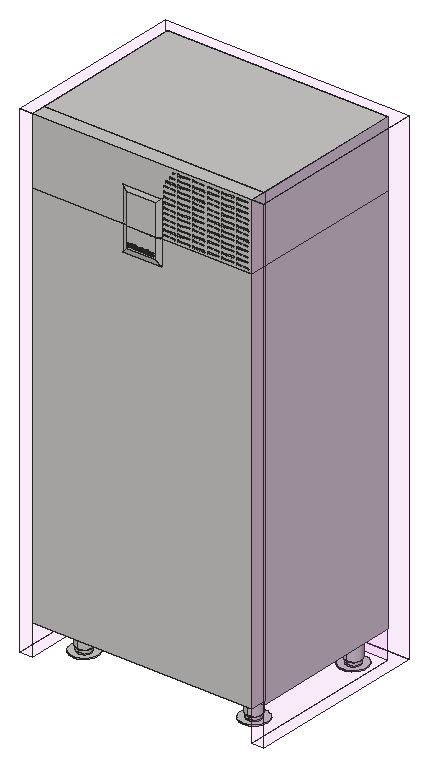
Revit family "QF_ELECTROLUXPROFESSIONAL_691390_PS09F1FMHC", category Specialty Equipment, Revit 2021
Family settings
  Round Connector Dimension = Use Diameter
  Part Type = Normal
  Work Plane-Based = No
  Always vertical = Yes
  Cut with Voids When Loaded = No
  Shared = No
  Room Calculation Point = No
Parameters
  Weight = 110.00 lbm
  Watts = 0 W
  Volts = 220 V
  URL Manufacturer = "http://www.electroluxprofessional.com"
  URL = "http://www.electroluxprofessional.com"
  Steam Supply Size = 0"
  Steam Supply Minimum Pressure = 0.00 psi
  Steam Supply Maximum Pressure = 0.00 psi
  Steam Pounds per Hour = 0
  Show Clearance [instance] = yes
  Refrigeration Suction Line Size = 0"
  Refrigeration Liquid Line Size = 0"
  Refrigerant Compressor Remote = yes
  Phase = 1
  Model = "PS09F1FMHC"
  Manufacturer = "Electrolux Professional"
  Length Actual = 900 mm
  Item Number = "691390"
  Hot Water Size = 0"
  Height Actual = 2040 mm
  HP = "0.8 HP"
  Gas Size = 0"
  Gas KW = 0
  Gas Input Pressure = 0.0 Btu/h
  Direct Waste Size = 0"
  Description = "1-DOOR FREEZER 720L-15/-22°C, PROSTORE, R290, 60HZ, MARINE"
  Depth Actual = 700 mm
  Default Elevation = 0 mm
  Cycle = 60 Hz
  Condensate Return Size = 0"
  Compressed Air Volume = 0 GPM
  Compressed Air Size = 0"
  Compressed Air Pressure = 0.00 psi
  Cold Water Size = 0"
  Accessory = no
Reference planes
  plane 1 "BACK": y = 0
  plane 2: z = 0
  plane 3 "LEFT": x = 0
  plane 4 "RIGHT": x = 900
  plane 5 "FRONT": y = -700
  plane 6 "TOP": z = 2040
  plane 7 "Center Y": x = 450
  plane 8 "Center X": y = -350
  plane 9: x = 102
  plane 10: x = 798
  plane 11: z = 115
  plane 12: z = 86
  plane 13: y = -80
  plane 14: y = -694
  plane 15: y = -1527
  plane 16: y = -630
  plane 17: z = 1770
  plane 18: x = -50
  plane 19: y = 50
  plane 20: x = 950
  plane 21: z = 1995
Forms (mm)
  Extrusion 1, solid, material "QF_Metal - Stainless - Polished"
    sketch origin (0, 0, 0) x (1, 0, 0) y (0, 0, 1)
      loop
        line (0, 1995) -> (0, 1725) -> (900, 1725) -> (900, 1995) -> (0, 1995)
    from 0 to 630
  Extrusion 2, solid, material "QF_Metal - Stainless - Polished"
    sketch origin (0, 0, 0) x (1, 0, 0) y (0, 0, 1)
      loop
        line (0, 1725) -> (0, 115) -> (900, 115) -> (900, 1725) -> (0, 1725)
    from 0 to 630
  Extrusion 3, solid, material "QF_Metal - Stainless - Polished"
    sketch origin (-370, 0, -128) x (1, 0, 0) y (0, 0, 1)
      loop
        circle (450, 1847.083) r 20
    from -7.507 to 0
  Extrusion 4, solid, material "QF_Door-Drawer Clearances", visible <- "Show Clearance", detail levels coarse
    sketch origin (0, 0, 0) x (1, 0, 0) y (0, 1, 0)
      loop
        line (900, -694) -> (0, -694)
        arc (0, -694) -> (275.209, -1299.35) -> (900, -1527) r 859.201
        line (900, -1527) -> (900, -694)
    from 127.536 to 1725
  Extrusion 5, solid, material "QF_Metal - Stainless - Polished"
    sketch origin (0, 130.478, -45) x (1, 0, 0) y (0, 0, 1)
      loop
        line (0, 2040) -> (0, 1770) -> (900, 1770) -> (900, 2040) -> (0, 2040)
    from 760.478 to 824.478
  Extrusion 6, solid, material "QF_Metal - Stainless - Polished"
    sketch origin (0, 140, 0) x (1, 0, 0) y (0, 0, 1)
      loop
        line (0, 1725) -> (0, 127.536) -> (900, 127.536) -> (900, 1725) -> (0, 1725)
    from 834 to 770
  Revolve 7, solid, material "QF_Metal - Stainless - Polished"
    sketch origin (798, -2.833, 0) x (0, 1, 0) y (0, 0, -1)
      loop
        line (-590.954, -115) -> (-553.167, -115) -> (-553.167, 0) -> (-578.757, 0)
        arc (-578.757, 0) -> (-580.973, -2.655) -> (-581.767, -6.021) r 7.527
        line (-581.767, -6.021) -> (-581.767, -17.561) -> (-585.28, -21.074) -> (-585.28, -110.008) -> (-590.954, -110.008) -> (-590.954, -115)
      axis (-553.167, 0) -> (-553.167, -115)
    angle from 0 to 360
  Revolve 8, solid, material "QF_Metal - Stainless - Polished"
    sketch origin (102, -2.833, 0) x (0, 1, 0) y (0, 0, 1)
      loop
        line (-590.954, 115) -> (-590.954, 110.008) -> (-585.28, 110.008) -> (-585.28, 21.074) -> (-581.767, 17.561) -> (-581.767, 6.021)
        arc (-581.767, 6.021) -> (-580.973, 2.655) -> (-578.757, 0) r 7.527
        line (-578.757, 0) -> (-553.167, 0) -> (-553.167, 115) -> (-590.954, 115)
      axis (-553.167, 0) -> (-553.167, 115)
    angle from 0 to 360
  Revolve 9, solid, material "QF_Metal - Stainless - Polished"
    sketch origin (824, -759.167, 0) x (0, -1, 0) y (0, 0, 1)
      loop
        line (-716.954, 115) -> (-716.954, 110.008) -> (-711.28, 110.008) -> (-711.28, 21.074) -> (-707.767, 17.561) -> (-707.767, 6.021)
        arc (-707.767, 6.021) -> (-706.973, 2.655) -> (-704.757, 0) r 7.527
        line (-704.757, 0) -> (-679.167, 0) -> (-679.167, 115) -> (-716.954, 115)
      axis (-679.167, 0) -> (-679.167, 115)
    angle from 0 to 360
  Revolve 10, solid, material "QF_Metal - Stainless - Polished"
    sketch origin (76, -759.167, 0) x (0, -1, 0) y (0, 0, 1)
      loop
        line (-716.954, 115) -> (-716.954, 110.008) -> (-711.28, 110.008) -> (-711.28, 21.074) -> (-707.767, 17.561) -> (-707.767, 6.021)
        arc (-707.767, 6.021) -> (-706.973, 2.655) -> (-704.757, 0) r 7.527
        line (-704.757, 0) -> (-679.167, 0) -> (-679.167, 115) -> (-716.954, 115)
      axis (-679.167, 0) -> (-679.167, 115)
    angle from 0 to 360
  Blend 11, solid, material "QF_Metal - Stainless - Polished"
    base sketch origin (0, -694, 0) x (1, 0, 0) y (0, 0, 1)
      loop
        line (370, 1869.822) -> (370, 1619.822) -> (530, 1619.822) -> (530, 1869.822) -> (370, 1869.822)
    top sketch origin (0, -694, 0) x (1, 0, 0) y (0, 0, 1)
      loop
        line (510, 1849.822) -> (390, 1849.822) -> (390, 1639.822) -> (510, 1639.822) -> (510, 1849.822)
    from 0 to 6
  Extrusion 12, void
    sketch origin (10, -700, 0) x (-1, 0, 0) y (0, 0, 1)
      loop
        line (-370, 1725.997) -> (-530, 1725.997) -> (-530, 1724.003) -> (-370, 1724.003) -> (-370, 1725.997)
    from 0 to 6
  Extrusion 13, solid, material "QF_Door-Drawer Clearances"
    sketch origin (0, 0, 0) x (1, 0, 0) y (0, 1, 0)
      loop
        line (0, -694) -> (0, 0) -> (900, 0) -> (900, -694) -> (950, -694) -> (950, 50) -> (-50, 50) -> (-50, -694) -> (0, -694)
    from 0 to 1995
  Extrusion 14, solid, material "QF_Metal - Stainless - Polished"
    sketch origin (102, -556, 0) x (0, -1, 0) y (-1, 0, 0)
      loop
        circle (0, 0) r 55.59
    from 0 to -1.917
  Extrusion 15, solid, material "QF_Metal - Stainless - Polished"
    sketch origin (76, -80, 0) x (0, -1, 0) y (-1, 0, 0)
      loop
        circle (0, 0) r 55.59
    from 0 to -1.917
  Extrusion 16, solid, material "QF_Metal - Stainless - Polished"
    sketch origin (798, -556, 0) x (0, 1, 0) y (1, 0, 0)
      loop
        circle (0, 0) r 55.59
    from 0 to -1.917
  Extrusion 17, solid, material "QF_Metal - Stainless - Polished"
    sketch origin (824, -80, 0) x (0, 1, 0) y (1, 0, 0)
      loop
        circle (0, 0) r 55.59
    from 0 to -1.917
  Extrusion 18, void
    sketch origin (-140, -700, 0) x (-1, 0, 0) y (0, 0, 1)
      loop
        line (-370, 1725.997) -> (-530, 1725.997) -> (-530, 1724.003) -> (-370, 1724.003) -> (-370, 1725.997)
    from 0 to 6
  Extrusion 19, void
    sketch origin (300, -694, -45) x (-1, 0, 0) y (0, 0, 1)
      loop
        line (-537.804, 1788.817) -> (-587.804, 1788.817) -> (-587.804, 1780.817) -> (-537.804, 1780.817) -> (-537.804, 1788.817)
      loop
        line (-477.804, 1788.817) -> (-527.804, 1788.817) -> (-527.804, 1780.817) -> (-477.804, 1780.817) -> (-477.804, 1788.817)
      loop
        line (-417.804, 1788.817) -> (-467.804, 1788.817) -> (-467.804, 1780.817) -> (-417.804, 1780.817) -> (-417.804, 1788.817)
    from 0 to 2
  Extrusion 20, void
    sketch origin (300, -694, 195) x (-1, 0, 0) y (0, 0, 1)
      loop
        line (-537.804, 1788.817) -> (-587.804, 1788.817) -> (-587.804, 1780.817) -> (-537.804, 1780.817) -> (-537.804, 1788.817)
      loop
        line (-477.804, 1788.817) -> (-527.804, 1788.817) -> (-527.804, 1780.817) -> (-477.804, 1780.817) -> (-477.804, 1788.817)
      loop
        line (-417.804, 1788.817) -> (-467.804, 1788.817) -> (-467.804, 1780.817) -> (-417.804, 1780.817) -> (-417.804, 1788.817)
    from 0 to 2
  Extrusion 21, void
    sketch origin (300, -694, -25) x (-1, 0, 0) y (0, 0, 1)
      loop
        line (-537.804, 1788.817) -> (-587.804, 1788.817) -> (-587.804, 1780.817) -> (-537.804, 1780.817) -> (-537.804, 1788.817)
      loop
        line (-477.804, 1788.817) -> (-527.804, 1788.817) -> (-527.804, 1780.817) -> (-477.804, 1780.817) -> (-477.804, 1788.817)
      loop
        line (-417.804, 1788.817) -> (-467.804, 1788.817) -> (-467.804, 1780.817) -> (-417.804, 1780.817) -> (-417.804, 1788.817)
    from 0 to 2
  Extrusion 22, void
    sketch origin (300, -694, -5) x (-1, 0, 0) y (0, 0, 1)
      loop
        line (-537.804, 1788.817) -> (-587.804, 1788.817) -> (-587.804, 1780.817) -> (-537.804, 1780.817) -> (-537.804, 1788.817)
      loop
        line (-477.804, 1788.817) -> (-527.804, 1788.817) -> (-527.804, 1780.817) -> (-477.804, 1780.817) -> (-477.804, 1788.817)
      loop
        line (-417.804, 1788.817) -> (-467.804, 1788.817) -> (-467.804, 1780.817) -> (-417.804, 1780.817) -> (-417.804, 1788.817)
    from 0 to 2
  Extrusion 23, void
    sketch origin (300, -694, 15) x (-1, 0, 0) y (0, 0, 1)
      loop
        line (-537.804, 1788.817) -> (-587.804, 1788.817) -> (-587.804, 1780.817) -> (-537.804, 1780.817) -> (-537.804, 1788.817)
      loop
        line (-477.804, 1788.817) -> (-527.804, 1788.817) -> (-527.804, 1780.817) -> (-477.804, 1780.817) -> (-477.804, 1788.817)
      loop
        line (-417.804, 1788.817) -> (-467.804, 1788.817) -> (-467.804, 1780.817) -> (-417.804, 1780.817) -> (-417.804, 1788.817)
    from 0 to 2
  Extrusion 24, void
    sketch origin (300, -694, 35) x (-1, 0, 0) y (0, 0, 1)
      loop
        line (-537.804, 1788.817) -> (-587.804, 1788.817) -> (-587.804, 1780.817) -> (-537.804, 1780.817) -> (-537.804, 1788.817)
      loop
        line (-477.804, 1788.817) -> (-527.804, 1788.817) -> (-527.804, 1780.817) -> (-477.804, 1780.817) -> (-477.804, 1788.817)
      loop
        line (-417.804, 1788.817) -> (-467.804, 1788.817) -> (-467.804, 1780.817) -> (-417.804, 1780.817) -> (-417.804, 1788.817)
    from 0 to 2
  Extrusion 25, void
    sketch origin (300, -694, 55) x (-1, 0, 0) y (0, 0, 1)
      loop
        line (-537.804, 1788.817) -> (-587.804, 1788.817) -> (-587.804, 1780.817) -> (-537.804, 1780.817) -> (-537.804, 1788.817)
      loop
        line (-477.804, 1788.817) -> (-527.804, 1788.817) -> (-527.804, 1780.817) -> (-477.804, 1780.817) -> (-477.804, 1788.817)
      loop
        line (-417.804, 1788.817) -> (-467.804, 1788.817) -> (-467.804, 1780.817) -> (-417.804, 1780.817) -> (-417.804, 1788.817)
    from 0 to 2
  Extrusion 26, void
    sketch origin (300, -694, 75) x (-1, 0, 0) y (0, 0, 1)
      loop
        line (-537.804, 1788.817) -> (-587.804, 1788.817) -> (-587.804, 1780.817) -> (-537.804, 1780.817) -> (-537.804, 1788.817)
      loop
        line (-477.804, 1788.817) -> (-527.804, 1788.817) -> (-527.804, 1780.817) -> (-477.804, 1780.817) -> (-477.804, 1788.817)
      loop
        line (-417.804, 1788.817) -> (-467.804, 1788.817) -> (-467.804, 1780.817) -> (-417.804, 1780.817) -> (-417.804, 1788.817)
    from 0 to 2
  Extrusion 27, void
    sketch origin (300, -694, 95) x (-1, 0, 0) y (0, 0, 1)
      loop
        line (-537.804, 1788.817) -> (-587.804, 1788.817) -> (-587.804, 1780.817) -> (-537.804, 1780.817) -> (-537.804, 1788.817)
      loop
        line (-477.804, 1788.817) -> (-527.804, 1788.817) -> (-527.804, 1780.817) -> (-477.804, 1780.817) -> (-477.804, 1788.817)
      loop
        line (-417.804, 1788.817) -> (-467.804, 1788.817) -> (-467.804, 1780.817) -> (-417.804, 1780.817) -> (-417.804, 1788.817)
    from 0 to 2
  Extrusion 28, void
    sketch origin (300, -694, 115) x (-1, 0, 0) y (0, 0, 1)
      loop
        line (-537.804, 1788.817) -> (-587.804, 1788.817) -> (-587.804, 1780.817) -> (-537.804, 1780.817) -> (-537.804, 1788.817)
      loop
        line (-477.804, 1788.817) -> (-527.804, 1788.817) -> (-527.804, 1780.817) -> (-477.804, 1780.817) -> (-477.804, 1788.817)
      loop
        line (-417.804, 1788.817) -> (-467.804, 1788.817) -> (-467.804, 1780.817) -> (-417.804, 1780.817) -> (-417.804, 1788.817)
    from 0 to 2
  Extrusion 29, void
    sketch origin (300, -694, 135) x (-1, 0, 0) y (0, 0, 1)
      loop
        line (-537.804, 1788.817) -> (-587.804, 1788.817) -> (-587.804, 1780.817) -> (-537.804, 1780.817) -> (-537.804, 1788.817)
      loop
        line (-477.804, 1788.817) -> (-527.804, 1788.817) -> (-527.804, 1780.817) -> (-477.804, 1780.817) -> (-477.804, 1788.817)
      loop
        line (-417.804, 1788.817) -> (-467.804, 1788.817) -> (-467.804, 1780.817) -> (-417.804, 1780.817) -> (-417.804, 1788.817)
    from 0 to 2
  Extrusion 30, void
    sketch origin (300, -694, 155) x (-1, 0, 0) y (0, 0, 1)
      loop
        line (-537.804, 1788.817) -> (-587.804, 1788.817) -> (-587.804, 1780.817) -> (-537.804, 1780.817) -> (-537.804, 1788.817)
      loop
        line (-477.804, 1788.817) -> (-527.804, 1788.817) -> (-527.804, 1780.817) -> (-477.804, 1780.817) -> (-477.804, 1788.817)
      loop
        line (-417.804, 1788.817) -> (-467.804, 1788.817) -> (-467.804, 1780.817) -> (-417.804, 1780.817) -> (-417.804, 1788.817)
    from 0 to 2
  Extrusion 31, void
    sketch origin (300, -694, 175) x (-1, 0, 0) y (0, 0, 1)
      loop
        line (-537.804, 1788.817) -> (-587.804, 1788.817) -> (-587.804, 1780.817) -> (-537.804, 1780.817) -> (-537.804, 1788.817)
      loop
        line (-477.804, 1788.817) -> (-527.804, 1788.817) -> (-527.804, 1780.817) -> (-477.804, 1780.817) -> (-477.804, 1788.817)
      loop
        line (-417.804, 1788.817) -> (-467.804, 1788.817) -> (-467.804, 1780.817) -> (-417.804, 1780.817) -> (-417.804, 1788.817)
    from 0 to 2
  Extrusion 32, void
    sketch origin (120, -694, -45) x (-1, 0, 0) y (0, 0, 1)
      loop
        line (-537.804, 1788.817) -> (-587.804, 1788.817) -> (-587.804, 1780.817) -> (-537.804, 1780.817) -> (-537.804, 1788.817)
      loop
        line (-477.804, 1788.817) -> (-527.804, 1788.817) -> (-527.804, 1780.817) -> (-477.804, 1780.817) -> (-477.804, 1788.817)
      loop
        line (-417.804, 1788.817) -> (-467.804, 1788.817) -> (-467.804, 1780.817) -> (-417.804, 1780.817) -> (-417.804, 1788.817)
    from 0 to 2
  Extrusion 33, void
    sketch origin (120, -694, 195) x (-1, 0, 0) y (0, 0, 1)
      loop
        line (-537.804, 1788.817) -> (-587.804, 1788.817) -> (-587.804, 1780.817) -> (-537.804, 1780.817) -> (-537.804, 1788.817)
      loop
        line (-477.804, 1788.817) -> (-527.804, 1788.817) -> (-527.804, 1780.817) -> (-477.804, 1780.817) -> (-477.804, 1788.817)
      loop
        line (-453.929, 1788.817) -> (-467.804, 1788.817) -> (-467.804, 1780.817) -> (-453.929, 1780.817) -> (-453.929, 1788.817)
    from 0 to 2
  Extrusion 34, void
    sketch origin (120, -694, -25) x (-1, 0, 0) y (0, 0, 1)
      loop
        line (-537.804, 1788.817) -> (-587.804, 1788.817) -> (-587.804, 1780.817) -> (-537.804, 1780.817) -> (-537.804, 1788.817)
      loop
        line (-477.804, 1788.817) -> (-527.804, 1788.817) -> (-527.804, 1780.817) -> (-477.804, 1780.817) -> (-477.804, 1788.817)
      loop
        line (-417.804, 1788.817) -> (-467.804, 1788.817) -> (-467.804, 1780.817) -> (-417.804, 1780.817) -> (-417.804, 1788.817)
    from 0 to 2
  Extrusion 35, void
    sketch origin (120, -694, -5) x (-1, 0, 0) y (0, 0, 1)
      loop
        line (-537.804, 1788.817) -> (-587.804, 1788.817) -> (-587.804, 1780.817) -> (-537.804, 1780.817) -> (-537.804, 1788.817)
      loop
        line (-477.804, 1788.817) -> (-527.804, 1788.817) -> (-527.804, 1780.817) -> (-477.804, 1780.817) -> (-477.804, 1788.817)
      loop
        line (-417.804, 1788.817) -> (-467.804, 1788.817) -> (-467.804, 1780.817) -> (-417.804, 1780.817) -> (-417.804, 1788.817)
    from 0 to 2
  Extrusion 36, void
    sketch origin (120, -694, 15) x (-1, 0, 0) y (0, 0, 1)
      loop
        line (-537.804, 1788.817) -> (-587.804, 1788.817) -> (-587.804, 1780.817) -> (-537.804, 1780.817) -> (-537.804, 1788.817)
      loop
        line (-477.804, 1788.817) -> (-527.804, 1788.817) -> (-527.804, 1780.817) -> (-477.804, 1780.817) -> (-477.804, 1788.817)
      loop
        line (-417.804, 1788.817) -> (-467.804, 1788.817) -> (-467.804, 1780.817) -> (-417.804, 1780.817) -> (-417.804, 1788.817)
    from 0 to 2
  Extrusion 37, void
    sketch origin (120, -694, 35) x (-1, 0, 0) y (0, 0, 1)
      loop
        line (-537.804, 1788.817) -> (-587.804, 1788.817) -> (-587.804, 1780.817) -> (-537.804, 1780.817) -> (-537.804, 1788.817)
      loop
        line (-477.804, 1788.817) -> (-527.804, 1788.817) -> (-527.804, 1780.817) -> (-477.804, 1780.817) -> (-477.804, 1788.817)
      loop
        line (-417.804, 1788.817) -> (-467.804, 1788.817) -> (-467.804, 1780.817) -> (-417.804, 1780.817) -> (-417.804, 1788.817)
    from 0 to 2
  Extrusion 38, void
    sketch origin (120, -694, 55) x (-1, 0, 0) y (0, 0, 1)
      loop
        line (-537.804, 1788.817) -> (-587.804, 1788.817) -> (-587.804, 1780.817) -> (-537.804, 1780.817) -> (-537.804, 1788.817)
      loop
        line (-477.804, 1788.817) -> (-527.804, 1788.817) -> (-527.804, 1780.817) -> (-477.804, 1780.817) -> (-477.804, 1788.817)
      loop
        line (-417.804, 1788.817) -> (-467.804, 1788.817) -> (-467.804, 1780.817) -> (-417.804, 1780.817) -> (-417.804, 1788.817)
    from 0 to 2
  Extrusion 39, void
    sketch origin (120, -694, 75) x (-1, 0, 0) y (0, 0, 1)
      loop
        line (-537.804, 1788.817) -> (-587.804, 1788.817) -> (-587.804, 1780.817) -> (-537.804, 1780.817) -> (-537.804, 1788.817)
      loop
        line (-477.804, 1788.817) -> (-527.804, 1788.817) -> (-527.804, 1780.817) -> (-477.804, 1780.817) -> (-477.804, 1788.817)
      loop
        line (-417.804, 1788.817) -> (-467.804, 1788.817) -> (-467.804, 1780.817) -> (-417.804, 1780.817) -> (-417.804, 1788.817)
    from 0 to 2
  Extrusion 40, void
    sketch origin (120, -694, 95) x (-1, 0, 0) y (0, 0, 1)
      loop
        line (-537.804, 1788.817) -> (-587.804, 1788.817) -> (-587.804, 1780.817) -> (-537.804, 1780.817) -> (-537.804, 1788.817)
      loop
        line (-477.804, 1788.817) -> (-527.804, 1788.817) -> (-527.804, 1780.817) -> (-477.804, 1780.817) -> (-477.804, 1788.817)
      loop
        line (-417.804, 1788.817) -> (-467.804, 1788.817) -> (-467.804, 1780.817) -> (-417.804, 1780.817) -> (-417.804, 1788.817)
    from 0 to 2
  Extrusion 41, void
    sketch origin (120, -694, 115) x (-1, 0, 0) y (0, 0, 1)
      loop
        line (-537.804, 1788.817) -> (-587.804, 1788.817) -> (-587.804, 1780.817) -> (-537.804, 1780.817) -> (-537.804, 1788.817)
      loop
        line (-477.804, 1788.817) -> (-527.804, 1788.817) -> (-527.804, 1780.817) -> (-477.804, 1780.817) -> (-477.804, 1788.817)
      loop
        line (-417.804, 1788.817) -> (-467.804, 1788.817) -> (-467.804, 1780.817) -> (-417.804, 1780.817) -> (-417.804, 1788.817)
    from 0 to 2
  Extrusion 42, void
    sketch origin (120, -694, 135) x (-1, 0, 0) y (0, 0, 1)
      loop
        line (-537.804, 1788.817) -> (-587.804, 1788.817) -> (-587.804, 1780.817) -> (-537.804, 1780.817) -> (-537.804, 1788.817)
      loop
        line (-477.804, 1788.817) -> (-527.804, 1788.817) -> (-527.804, 1780.817) -> (-477.804, 1780.817) -> (-477.804, 1788.817)
      loop
        line (-417.804, 1788.817) -> (-467.804, 1788.817) -> (-467.804, 1780.817) -> (-417.804, 1780.817) -> (-417.804, 1788.817)
    from 0 to 2
  Extrusion 43, void
    sketch origin (120, -694, 155) x (-1, 0, 0) y (0, 0, 1)
      loop
        line (-537.804, 1788.817) -> (-587.804, 1788.817) -> (-587.804, 1780.817) -> (-537.804, 1780.817) -> (-537.804, 1788.817)
      loop
        line (-477.804, 1788.817) -> (-527.804, 1788.817) -> (-527.804, 1780.817) -> (-477.804, 1780.817) -> (-477.804, 1788.817)
      loop
        line (-426.702, 1788.817) -> (-467.804, 1788.817) -> (-467.804, 1780.817) -> (-426.702, 1780.817) -> (-426.702, 1788.817)
    from 0 to 2
  Extrusion 44, void
    sketch origin (120, -694, 175) x (-1, 0, 0) y (0, 0, 1)
      loop
        line (-537.804, 1788.817) -> (-587.804, 1788.817) -> (-587.804, 1780.817) -> (-537.804, 1780.817) -> (-537.804, 1788.817)
      loop
        line (-477.804, 1788.817) -> (-527.804, 1788.817) -> (-527.804, 1780.817) -> (-477.804, 1780.817) -> (-477.804, 1788.817)
      loop
        line (-441.24, 1788.817) -> (-467.804, 1788.817) -> (-467.804, 1780.817) -> (-441.24, 1780.817) -> (-441.24, 1788.817)
    from 0 to 2
Cuts and joins
  Extrusion 12 cuts Extrusion 1
  Extrusion 12 cuts Extrusion 2
  Extrusion 12, Extrusion 18, Extrusion 19, Extrusion 20, Extrusion 21, Extrusion 22, Extrusion 23, Extrusion 24, Extrusion 25, Extrusion 26, Extrusion 27, Extrusion 28, Extrusion 29, Extrusion 30, Extrusion 31, Extrusion 32, Extrusion 33, Extrusion 34, Extrusion 35, Extrusion 36, Extrusion 37, Extrusion 38, Extrusion 39, Extrusion 40, Extrusion 41, Extrusion 42, Extrusion 43, Extrusion 44 cuts Extrusion 5
  Extrusion 12, Extrusion 18 cuts Extrusion 6
  Extrusion 12, Extrusion 18, Extrusion 19, Extrusion 21, Extrusion 22, Extrusion 23, Extrusion 24, Extrusion 25, Extrusion 26 cuts Blend 11
  Extrusion 18 cuts Extrusion 4
Lines and regions (mm)
  Split face 1
    outline origin (0, -700, 0) x (1, 0, 0) y (0, 0, 1)
      loop
        line (415, 1849.822) -> (415, 1697.499) -> (485, 1697.499) -> (485, 1849.822)
  symbolic lines
    curve 1: line (0, 0, 0) -> (900, 0, 0)
    curve 2: line (0, -694, 0) -> (0, 0, 0)
    curve 3: line (900, -694, 0) -> (0, -694, 0)
    curve 4: line (900, 0, 0) -> (900, -694, 0)
    curve 5: line (0, -630, 0) -> (900, -630, 0)
    curve 6: line (370, -694, 0) -> (390, -700, 0)
    curve 7: line (390, -700, 0) -> (510, -700, 0)
    curve 8: line (510, -700, 0) -> (530, -694, 0)
  symbolic lines, style "QF_Door-Drawer Clearances"
    curve 9: arc (0, -694, 0) -> (275.209, -1299.35, 0) -> (900, -1527, 0) r 859.201
    curve 10: line (900, -1527, 0) -> (900, -694, 0)
    curve 11: line (0, -694, 0) -> (-50, -694, 0)
    curve 12: line (-50, -694, 0) -> (-50, 50, 0)
    curve 13: line (-50, 50, 0) -> (950, 50, 0)
    curve 14: line (950, 50, 0) -> (950, -694, 0)
    curve 15: line (950, -694, 0) -> (900, -694, 0)
Dimensions and locks
  equal spacing: plane 3 "LEFT", plane 7 "Center Y", plane 4 "RIGHT"
  plane 3 "LEFT" to plane 4 "RIGHT" = 900 mm
  equal spacing: plane 5 "FRONT", plane 8 "Center X", plane 1 "BACK"
  plane 5 "FRONT" to plane 1 "BACK" = 700 mm
  plane 6 "TOP" to level = 2040 mm
  plane 9 to plane 3 "LEFT" = 102 mm
  plane 10 to plane 4 "RIGHT" = 102 mm
  plane 10 to plane 9 = 696 mm
  plane 11 to level = 115 mm
  plane 12 to plane 11 = 29 mm
  plane 1 "BACK" to plane 13 = 80 mm
  plane 15 to plane 1 "BACK" = 1527 mm
  plane 3 "LEFT" to Extrusion 4 = 900 mm
  plane 11 to plane 2 = 115 mm
  plane 1 "BACK" to plane 16 = 630 mm
  plane 18 to plane 3 "LEFT" = 50 mm
  plane 4 "RIGHT" to plane 20 = 50 mm
  plane 1 "BACK" to plane 19 = 50 mm
  plane 21 to level = 1995 mm
  aligned and locked: level to plane 2
  aligned and locked: Extrusion 5 to plane 4 "RIGHT"
  aligned and locked: Extrusion 5 to plane 3 "LEFT"
  aligned and locked: plane 5 "FRONT" to Blend 11
Automatic sketch dimensions
  curve 13 to plane 18 = 0 mm
  curve 3 to plane 3 "LEFT" = 0 mm
  plane 14 to curve 6 = 0 mm
  plane 5 "FRONT" to curve 7 = 0 mm
  curve 9 to plane 4 "RIGHT" = 0 mm
  curve 5 to plane 4 "RIGHT" = 0 mm
  curve 14 to plane 20 = 0 mm
  curve 10 to plane 15 = 0 mm
  curve 5 to plane 16 = 0 mm
  plane 1 "BACK" to curve 4 = 0 mm
  curve 13 to plane 19 = 0 mm
  curve 7 to plane 7 "Center Y" = 60 mm
  plane 7 "Center Y" to curve 8 = 60 mm
  curve 9 to plane 14 = 25.214 mm
  curve 6 to curve 6 = 20 mm
  curve 7 to curve 8 = 20 mm
  Extrusion 1 sketch curve to plane 3 "LEFT" = 0 mm
  plane 4 "RIGHT" to Extrusion 1 sketch curve = 0 mm
  Extrusion 1 sketch curve to plane 21 = 0 mm
  Extrusion 1 sketch curve to plane 17 = 45 mm
  Extrusion 2 sketch curve to plane 3 "LEFT" = 0 mm
  plane 4 "RIGHT" to Extrusion 2 sketch curve = 0 mm
  Extrusion 2 sketch curve to plane 11 = 0 mm
  Extrusion 2 sketch curve to plane 17 = 45 mm
  Extrusion 3 sketch curve to plane 9 = 22 mm
  Extrusion 3 sketch curve to plane 17 = 50.917 mm
  Extrusion 4 sketch curve to plane 3 "LEFT" = 0 mm
  Extrusion 4 sketch curve to plane 4 "RIGHT" = 0 mm
  Extrusion 4 sketch curve to plane 15 = 0 mm
  plane 14 to Extrusion 4 sketch curve = 0 mm
  Extrusion 4 sketch curve to plane 14 = 25.214 mm
  Extrusion 5 sketch curve to plane 3 "LEFT" = 0 mm
  plane 4 "RIGHT" to Extrusion 5 sketch curve = 0 mm
  Extrusion 5 sketch curve to plane 21 = 0 mm
  Extrusion 5 sketch curve to plane 17 = 45 mm
  Extrusion 6 sketch curve to plane 3 "LEFT" = 0 mm
  plane 4 "RIGHT" to Extrusion 6 sketch curve = 0 mm
  plane 11 to Extrusion 6 sketch curve = 12.536 mm
  Extrusion 6 sketch curve to plane 17 = 45 mm
  plane 11 to Revolve 7 sketch curve = 0 mm
  Revolve 7 sketch curve to level = 0 mm
  plane 16 to Revolve 7 sketch curve = 36.213 mm
  Revolve 7 sketch curve to Revolve 7 sketch curve = 5.674 mm
  Revolve 7 sketch curve to Revolve 7 sketch curve = 3.513 mm  (x2)
  Revolve 7 sketch curve to Revolve 7 sketch curve = 3.01 mm
  level to Revolve 7 sketch curve = 6.021 mm
  Revolve 7 sketch curve to Revolve 7 sketch curve = 21.073 mm
  Revolve 7 sketch curve to plane 11 = 4.992 mm  (x2)
  Revolve 7 sketch curve to Revolve 7 sketch curve = 15.053 mm
  Revolve 7 sketch curve to Revolve 7 sketch curve = 0 mm
  Revolve 7 sketch curve to Revolve 7 sketch curve = 20.008 mm
  Revolve 8 sketch curve to plane 11 = 0 mm
  Revolve 8 sketch curve to level = 0 mm
  plane 16 to Revolve 8 sketch curve = 36.213 mm
  Revolve 8 sketch curve to Revolve 8 sketch curve = 5.674 mm
  Revolve 8 sketch curve to Revolve 8 sketch curve = 3.513 mm  (x2)
  Revolve 8 sketch curve to Revolve 8 sketch curve = 3.01 mm
  level to Revolve 8 sketch curve = 6.021 mm
  Revolve 8 sketch curve to Revolve 8 sketch curve = 21.073 mm
  Revolve 8 sketch curve to Revolve 8 sketch curve = 11.54 mm
  Revolve 8 sketch curve to plane 11 = 4.992 mm
  Revolve 8 sketch curve to Revolve 8 sketch curve = 0 mm
  Revolve 8 sketch curve to Revolve 8 sketch curve = 4.992 mm
  plane 11 to Revolve 8 sketch curve = 20.008 mm
  Revolve 9 sketch curve to plane 11 = 0 mm
  Revolve 9 sketch curve to level = 0 mm
  Revolve 9 sketch curve to plane 13 = 0 mm  (x2)
  level to Revolve 9 sketch curve = 6.021 mm
  Revolve 9 sketch curve to plane 13 = 21.073 mm
  Revolve 9 sketch curve to Revolve 9 sketch curve = 4.517 mm
  Revolve 9 sketch curve to Revolve 9 sketch curve = 3.513 mm  (x2)
  Revolve 9 sketch curve to Revolve 9 sketch curve = 5.674 mm
  Revolve 9 sketch curve to Revolve 9 sketch curve = 11.54 mm
  Revolve 9 sketch curve to plane 11 = 4.992 mm
  Revolve 9 sketch curve to Revolve 9 sketch curve = 4.992 mm
  plane 11 to Revolve 9 sketch curve = 20.008 mm
  Revolve 10 sketch curve to plane 11 = 0 mm
  Revolve 10 sketch curve to level = 0 mm
  Revolve 10 sketch curve to plane 13 = 0 mm  (x2)
  Revolve 10 sketch curve to level = 6.021 mm
  plane 13 to Revolve 10 sketch curve = 21.073 mm
  Revolve 10 sketch curve to Revolve 10 sketch curve = 4.517 mm
  Revolve 10 sketch curve to Revolve 10 sketch curve = 3.513 mm  (x2)
  Revolve 10 sketch curve to Revolve 10 sketch curve = 5.674 mm
  Revolve 10 sketch curve to Revolve 10 sketch curve = 11.54 mm
  plane 11 to Revolve 10 sketch curve = 4.992 mm  (x2)
  Revolve 10 sketch curve to Revolve 10 sketch curve = 20.008 mm
  Blend 11 sketch curve to Extrusion 6 = 105.178 mm
  Blend 11 sketch curve to Extrusion 6 = 370 mm
  Blend 11 sketch curve to Blend 11 sketch curve = 160 mm
  Extrusion 6 to Blend 11 sketch curve = 144.822 mm
  Extrusion 6 to Blend 11 sketch curve = 124.822 mm
  Blend 11 sketch curve to Extrusion 6 = 390 mm
  Blend 11 sketch curve to Blend 11 sketch curve = 120 mm
  Blend 11 sketch curve to Extrusion 6 = 85.178 mm
  Split face 1 sketch curve to Blend 11 = 0 mm  (x2)
  Split face 1 sketch curve to Blend 11 = 25 mm  (x2)
  Split face 1 sketch curve to Blend 11 = 57.677 mm
  Extrusion 12 sketch curve to Blend 11 = 30 mm
  Extrusion 12 sketch curve to Blend 11 = 10 mm
  Blend 11 to Extrusion 12 sketch curve = 84.181 mm
  Extrusion 12 sketch curve to Extrusion 12 sketch curve = 1.995 mm
  plane 14 to Extrusion 13 sketch curve = 0 mm  (x2)
  Extrusion 13 sketch curve to plane 18 = 0 mm
  Extrusion 13 sketch curve to plane 3 "LEFT" = 0 mm
  Extrusion 13 sketch curve to plane 4 "RIGHT" = 0 mm
  Extrusion 13 sketch curve to plane 19 = 0 mm
  Extrusion 13 sketch curve to plane 20 = 0 mm
  plane 1 "BACK" to Extrusion 13 sketch curve = 0 mm
  Extrusion 14 sketch curve to Extrusion 14 sketch curve = 0 mm  (x2)
  Extrusion 14 sketch curve to plane 9 = 0 mm
  plane 16 to Extrusion 14 sketch curve = 74 mm
  Extrusion 14 sketch curve to Extrusion 14 sketch curve = 55.59 mm
  Extrusion 15 sketch curve to Extrusion 15 sketch curve = 0 mm  (x2)
  plane 13 to Extrusion 15 sketch curve = 0 mm
  Extrusion 15 sketch curve to plane 9 = 26 mm
  plane 1 "BACK" to Extrusion 15 sketch curve = 24.41 mm
  Extrusion 16 sketch curve to Extrusion 16 sketch curve = 0 mm  (x2)
  Extrusion 16 sketch curve to plane 10 = 0 mm
  plane 16 to Extrusion 16 sketch curve = 74 mm
  plane 16 to Extrusion 16 sketch curve = 18.41 mm
  Extrusion 17 sketch curve to Extrusion 17 sketch curve = 0 mm  (x2)
  plane 13 to Extrusion 17 sketch curve = 0 mm
  Extrusion 17 sketch curve to plane 10 = 26 mm
  Extrusion 17 sketch curve to Extrusion 17 sketch curve = 55.59 mm
  Extrusion 18 sketch curve to plane 7 "Center Y" = 60 mm
  Extrusion 18 sketch curve to plane 17 = 45.997 mm
  plane 9 to Extrusion 18 sketch curve = 128 mm
  Extrusion 18 sketch curve to Extrusion 18 sketch curve = 1.995 mm
  plane 4 "RIGHT" to Extrusion 19 sketch curve = 12.196 mm
  Extrusion 19 sketch curve to plane 10 = 39.804 mm
  Extrusion 19 sketch curve to Extrusion 19 sketch curve = 10 mm  (x2)
  plane 10 to Extrusion 19 sketch curve = 20.196 mm
  Extrusion 19 sketch curve to Extrusion 19 sketch curve = 50 mm
  Extrusion 19 sketch curve to plane 17 = 34.183 mm  (x2)
  Extrusion 19 sketch curve to Extrusion 19 sketch curve = 0 mm
  Extrusion 19 sketch curve to Extrusion 19 sketch curve = 8 mm  (x3)
  plane 4 "RIGHT" to Extrusion 20 sketch curve = 12.196 mm
  Extrusion 20 sketch curve to plane 10 = 39.804 mm
  Extrusion 20 sketch curve to Extrusion 20 sketch curve = 10 mm  (x2)
  plane 10 to Extrusion 20 sketch curve = 20.196 mm
  Extrusion 20 sketch curve to Extrusion 20 sketch curve = 50 mm
  Extrusion 20 sketch curve to plane 21 = 19.183 mm  (x2)
  Extrusion 20 sketch curve to Extrusion 20 sketch curve = 0 mm
  Extrusion 20 sketch curve to Extrusion 20 sketch curve = 8 mm  (x3)
  Extrusion 21 sketch curve to plane 17 = 6.183 mm  (x3)
  plane 4 "RIGHT" to Extrusion 21 sketch curve = 12.196 mm
  Extrusion 21 sketch curve to plane 17 = 14.183 mm  (x3)
  Extrusion 21 sketch curve to plane 10 = 39.804 mm
  Extrusion 21 sketch curve to Extrusion 21 sketch curve = 10 mm  (x2)
  plane 10 to Extrusion 21 sketch curve = 20.196 mm
  Extrusion 21 sketch curve to Extrusion 21 sketch curve = 50 mm
  plane 4 "RIGHT" to Extrusion 22 sketch curve = 12.196 mm
  plane 17 to Extrusion 22 sketch curve = 5.817 mm  (x3)
  Extrusion 22 sketch curve to plane 10 = 39.804 mm
  Extrusion 22 sketch curve to Extrusion 22 sketch curve = 10 mm  (x2)
  plane 10 to Extrusion 22 sketch curve = 20.196 mm
  Extrusion 22 sketch curve to Extrusion 22 sketch curve = 50 mm
  Extrusion 22 sketch curve to Extrusion 22 sketch curve = 8 mm  (x3)
  plane 4 "RIGHT" to Extrusion 23 sketch curve = 12.196 mm
  Extrusion 23 sketch curve to plane 10 = 39.804 mm
  Extrusion 23 sketch curve to Extrusion 23 sketch curve = 10 mm  (x2)
  plane 10 to Extrusion 23 sketch curve = 20.196 mm
  Extrusion 23 sketch curve to Extrusion 23 sketch curve = 50 mm
  plane 17 to Extrusion 23 sketch curve = 25.817 mm  (x2)
  Extrusion 23 sketch curve to Extrusion 23 sketch curve = 0 mm
  Extrusion 23 sketch curve to Extrusion 23 sketch curve = 8 mm  (x3)
  plane 4 "RIGHT" to Extrusion 24 sketch curve = 12.196 mm
  Extrusion 24 sketch curve to plane 10 = 39.804 mm
  Extrusion 24 sketch curve to Extrusion 24 sketch curve = 10 mm  (x2)
  plane 10 to Extrusion 24 sketch curve = 20.196 mm
  Extrusion 24 sketch curve to Extrusion 24 sketch curve = 50 mm
  plane 17 to Extrusion 24 sketch curve = 45.817 mm  (x2)
  Extrusion 24 sketch curve to Extrusion 24 sketch curve = 0 mm
  Extrusion 24 sketch curve to Extrusion 24 sketch curve = 8 mm  (x3)
  plane 4 "RIGHT" to Extrusion 25 sketch curve = 12.196 mm
  Extrusion 25 sketch curve to plane 10 = 39.804 mm
  Extrusion 25 sketch curve to Extrusion 25 sketch curve = 10 mm  (x2)
  plane 10 to Extrusion 25 sketch curve = 20.196 mm
  Extrusion 25 sketch curve to Extrusion 25 sketch curve = 50 mm
  plane 17 to Extrusion 25 sketch curve = 65.817 mm
  Extrusion 25 sketch curve to Extrusion 25 sketch curve = 0 mm  (x2)
  Extrusion 25 sketch curve to Extrusion 25 sketch curve = 8 mm  (x3)
  plane 4 "RIGHT" to Extrusion 26 sketch curve = 12.196 mm
  Extrusion 26 sketch curve to plane 10 = 39.804 mm
  Extrusion 26 sketch curve to Extrusion 26 sketch curve = 10 mm  (x2)
  plane 10 to Extrusion 26 sketch curve = 20.196 mm
  Extrusion 26 sketch curve to Extrusion 26 sketch curve = 50 mm
  plane 17 to Extrusion 26 sketch curve = 85.817 mm
  Extrusion 26 sketch curve to Extrusion 26 sketch curve = 0 mm  (x2)
  Extrusion 26 sketch curve to Extrusion 26 sketch curve = 8 mm  (x3)
  plane 4 "RIGHT" to Extrusion 27 sketch curve = 12.196 mm
  Extrusion 27 sketch curve to plane 10 = 39.804 mm
  Extrusion 27 sketch curve to Extrusion 27 sketch curve = 10 mm  (x2)
  plane 10 to Extrusion 27 sketch curve = 20.196 mm
  Extrusion 27 sketch curve to Extrusion 27 sketch curve = 50 mm
  plane 17 to Extrusion 27 sketch curve = 105.817 mm
  Extrusion 27 sketch curve to Extrusion 27 sketch curve = 0 mm  (x2)
  Extrusion 27 sketch curve to Extrusion 27 sketch curve = 8 mm  (x3)
  plane 4 "RIGHT" to Extrusion 28 sketch curve = 12.196 mm
  Extrusion 28 sketch curve to plane 10 = 39.804 mm
  Extrusion 28 sketch curve to Extrusion 28 sketch curve = 10 mm  (x2)
  plane 10 to Extrusion 28 sketch curve = 20.196 mm
  Extrusion 28 sketch curve to Extrusion 28 sketch curve = 50 mm
  Extrusion 28 sketch curve to plane 21 = 99.183 mm
  Extrusion 28 sketch curve to Extrusion 28 sketch curve = 0 mm  (x2)
  Extrusion 28 sketch curve to Extrusion 28 sketch curve = 8 mm  (x3)
  plane 4 "RIGHT" to Extrusion 29 sketch curve = 12.196 mm
  Extrusion 29 sketch curve to plane 10 = 39.804 mm
  Extrusion 29 sketch curve to Extrusion 29 sketch curve = 10 mm  (x2)
  plane 10 to Extrusion 29 sketch curve = 20.196 mm
  Extrusion 29 sketch curve to Extrusion 29 sketch curve = 50 mm
  Extrusion 29 sketch curve to plane 21 = 79.183 mm
  Extrusion 29 sketch curve to Extrusion 29 sketch curve = 0 mm  (x2)
  Extrusion 29 sketch curve to Extrusion 29 sketch curve = 8 mm  (x3)
  plane 4 "RIGHT" to Extrusion 30 sketch curve = 12.196 mm
  Extrusion 30 sketch curve to plane 10 = 39.804 mm
  Extrusion 30 sketch curve to Extrusion 30 sketch curve = 10 mm  (x2)
  plane 10 to Extrusion 30 sketch curve = 20.196 mm
  Extrusion 30 sketch curve to Extrusion 30 sketch curve = 50 mm
  Extrusion 30 sketch curve to plane 21 = 59.183 mm
  Extrusion 30 sketch curve to Extrusion 30 sketch curve = 0 mm  (x2)
  Extrusion 30 sketch curve to Extrusion 30 sketch curve = 8 mm  (x3)
  plane 4 "RIGHT" to Extrusion 31 sketch curve = 12.196 mm
  Extrusion 31 sketch curve to plane 10 = 39.804 mm
  Extrusion 31 sketch curve to Extrusion 31 sketch curve = 10 mm  (x2)
  plane 10 to Extrusion 31 sketch curve = 20.196 mm
  Extrusion 31 sketch curve to Extrusion 31 sketch curve = 50 mm
  Extrusion 31 sketch curve to plane 21 = 39.183 mm
  Extrusion 31 sketch curve to Extrusion 31 sketch curve = 0 mm  (x2)
  Extrusion 31 sketch curve to Extrusion 31 sketch curve = 8 mm  (x3)
  Extrusion 32 sketch curve to plane 17 = 26.183 mm  (x2)
  plane 10 to Extrusion 32 sketch curve = 90.196 mm
  Extrusion 32 sketch curve to Extrusion 32 sketch curve = 50 mm  (x3)
  Extrusion 32 sketch curve to Extrusion 32 sketch curve = 10 mm  (x2)
  Extrusion 32 sketch curve to Extrusion 32 sketch curve = 0 mm
  Extrusion 32 sketch curve to Extrusion 32 sketch curve = 8 mm  (x3)
  Extrusion 33 sketch curve to plane 21 = 11.183 mm
  plane 10 to Extrusion 33 sketch curve = 90.196 mm
  Extrusion 33 sketch curve to plane 21 = 19.183 mm  (x3)
  Extrusion 33 sketch curve to Extrusion 33 sketch curve = 50 mm  (x2)
  Extrusion 33 sketch curve to Extrusion 33 sketch curve = 10 mm  (x2)
  Extrusion 33 sketch curve to Extrusion 33 sketch curve = 13.876 mm
  Extrusion 33 sketch curve to Extrusion 33 sketch curve = 8 mm  (x2)
  Extrusion 34 sketch curve to plane 17 = 6.183 mm  (x3)
  plane 10 to Extrusion 34 sketch curve = 90.196 mm
  Extrusion 34 sketch curve to plane 17 = 14.183 mm  (x3)
  Extrusion 34 sketch curve to Extrusion 34 sketch curve = 50 mm  (x3)
  Extrusion 34 sketch curve to Extrusion 34 sketch curve = 10 mm  (x2)
  plane 17 to Extrusion 35 sketch curve = 13.817 mm
  plane 10 to Extrusion 35 sketch curve = 90.196 mm
  plane 17 to Extrusion 35 sketch curve = 5.817 mm  (x3)
  Extrusion 35 sketch curve to Extrusion 35 sketch curve = 50 mm  (x3)
  Extrusion 35 sketch curve to Extrusion 35 sketch curve = 10 mm  (x2)
  Extrusion 35 sketch curve to Extrusion 35 sketch curve = 8 mm  (x2)
  plane 17 to Extrusion 36 sketch curve = 33.817 mm  (x2)
  plane 10 to Extrusion 36 sketch curve = 90.196 mm
  Extrusion 36 sketch curve to Extrusion 36 sketch curve = 50 mm  (x3)
  Extrusion 36 sketch curve to Extrusion 36 sketch curve = 10 mm  (x2)
  Extrusion 36 sketch curve to Extrusion 36 sketch curve = 0 mm
  Extrusion 36 sketch curve to Extrusion 36 sketch curve = 8 mm  (x3)
  plane 10 to Extrusion 37 sketch curve = 90.196 mm
  Extrusion 37 sketch curve to Extrusion 37 sketch curve = 50 mm  (x3)
  Extrusion 37 sketch curve to Extrusion 37 sketch curve = 10 mm  (x2)
  plane 17 to Extrusion 37 sketch curve = 45.817 mm  (x2)
  Extrusion 37 sketch curve to Extrusion 37 sketch curve = 0 mm
  Extrusion 37 sketch curve to Extrusion 37 sketch curve = 8 mm  (x3)
  plane 10 to Extrusion 38 sketch curve = 90.196 mm
  Extrusion 38 sketch curve to Extrusion 38 sketch curve = 50 mm  (x3)
  Extrusion 38 sketch curve to Extrusion 38 sketch curve = 10 mm  (x2)
  plane 17 to Extrusion 38 sketch curve = 65.817 mm
  Extrusion 38 sketch curve to Extrusion 38 sketch curve = 0 mm  (x2)
  Extrusion 38 sketch curve to Extrusion 38 sketch curve = 8 mm  (x3)
  plane 10 to Extrusion 39 sketch curve = 90.196 mm
  Extrusion 39 sketch curve to Extrusion 39 sketch curve = 50 mm  (x3)
  Extrusion 39 sketch curve to Extrusion 39 sketch curve = 10 mm  (x2)
  plane 17 to Extrusion 39 sketch curve = 85.817 mm
  Extrusion 39 sketch curve to Extrusion 39 sketch curve = 0 mm  (x2)
  Extrusion 39 sketch curve to Extrusion 39 sketch curve = 8 mm  (x3)
  plane 10 to Extrusion 40 sketch curve = 90.196 mm
  Extrusion 40 sketch curve to Extrusion 40 sketch curve = 50 mm  (x3)
  Extrusion 40 sketch curve to Extrusion 40 sketch curve = 10 mm  (x2)
  plane 17 to Extrusion 40 sketch curve = 105.817 mm
  Extrusion 40 sketch curve to Extrusion 40 sketch curve = 0 mm  (x2)
  Extrusion 40 sketch curve to Extrusion 40 sketch curve = 8 mm  (x3)
  plane 10 to Extrusion 41 sketch curve = 90.196 mm
  Extrusion 41 sketch curve to Extrusion 41 sketch curve = 50 mm  (x3)
  Extrusion 41 sketch curve to Extrusion 41 sketch curve = 10 mm  (x2)
  Extrusion 41 sketch curve to plane 21 = 99.183 mm
  Extrusion 41 sketch curve to Extrusion 41 sketch curve = 0 mm  (x2)
  Extrusion 41 sketch curve to Extrusion 41 sketch curve = 8 mm  (x3)
  plane 10 to Extrusion 42 sketch curve = 90.196 mm
  Extrusion 42 sketch curve to Extrusion 42 sketch curve = 50 mm  (x3)
  Extrusion 42 sketch curve to Extrusion 42 sketch curve = 10 mm  (x2)
  Extrusion 42 sketch curve to plane 21 = 79.183 mm
  Extrusion 42 sketch curve to Extrusion 42 sketch curve = 0 mm  (x2)
  Extrusion 42 sketch curve to Extrusion 42 sketch curve = 8 mm  (x3)
  plane 10 to Extrusion 43 sketch curve = 90.196 mm
  Extrusion 43 sketch curve to Extrusion 43 sketch curve = 50 mm  (x2)
  Extrusion 43 sketch curve to Extrusion 43 sketch curve = 10 mm  (x2)
  Extrusion 43 sketch curve to Extrusion 43 sketch curve = 41.103 mm
  Extrusion 43 sketch curve to plane 21 = 59.183 mm
  Extrusion 43 sketch curve to Extrusion 43 sketch curve = 0 mm  (x2)
  Extrusion 43 sketch curve to Extrusion 43 sketch curve = 8 mm  (x3)
  Extrusion 44 sketch curve to plane 21 = 31.183 mm  (x2)
  plane 10 to Extrusion 44 sketch curve = 90.196 mm
  Extrusion 44 sketch curve to Extrusion 44 sketch curve = 50 mm  (x2)
  Extrusion 44 sketch curve to Extrusion 44 sketch curve = 10 mm  (x2)
  Extrusion 44 sketch curve to Extrusion 44 sketch curve = 26.564 mm
  Extrusion 44 sketch curve to Extrusion 44 sketch curve = 0 mm
  Extrusion 44 sketch curve to Extrusion 44 sketch curve = 8 mm  (x3)
  radius of Extrusion 3 sketch curve = 20 mm
Nested families
  nested 1: "ELX_Logo_S" at (450.625, -700, 1659.375) x (1, 0, 0) z (0, -1, 0), type "ELX_Logo_S"
Connectors
  electrical at (80, 7.507, 1719.083), driven by "Volts"
    settings: on Extrusion 3, index 2, voltage 220 V, apparent load 0 VA, apparent load phase1 0 VA, apparent load phase2 0 VA, apparent load phase3 0 VA, power factor 1, load classification "Other", number of poles 1, system type 30, power factor state 1, is connector primary yes, connector utility no, sub classification motor no, connector description "Electrical Connection"
Definition of nested family "ELX_Logo_S"
  Parameters (values of type "ELX_Logo_S")
    Default Elevation = 0 mm
  Reference planes
    plane 1 "Centro (Fronte/Retro)": y = 0
    plane 2: z = 0
    plane 3 "Centro (Sinistra/Destra)": x = 0
  Forms (mm)
    Extrusion 1, solid
      sketch origin (0, 0, 0) x (1, 0, 0) y (0, 1, 0)
        loop
          line (-1219.2, 1219.2) -> (-1219.2, -1219.2) -> (1219.2, -1219.2) -> (1219.2, 1219.2) -> (-1219.2, 1219.2)
      from 0 to -304.8
    Extrusion 2, solid
      sketch origin (0, 0, 0) x (1, 0, 0) y (0, 1, 0)
        loop
          line (-43.793, 5.912) -> (-43.793, -6.455)
          arc (-43.793, -6.455) -> (-39.222, -0.272) -> (-43.793, 5.912) r 6.467
        loop
          arc (-44.422, 5.912) -> (-49.565, 4.743) -> (-52.043, 0.087) r 6.338
          line (-52.043, 0.087) -> (-49.997, 0.087)
          arc (-49.997, 0.087) -> (-46.342, 1.57) -> (-44.422, 5.016) r 5.941
          line (-44.422, 5.016) -> (-44.422, 5.912)
        loop
          arc (-44.422, -5.559) -> (-46.342, -2.114) -> (-49.997, -0.63) r 5.941
          line (-49.997, -0.63) -> (-52.043, -0.63)
          arc (-52.043, -0.63) -> (-49.569, -5.324) -> (-44.422, -6.614) r 6.504
          line (-44.422, -6.614) -> (-44.422, -5.559)
        loop
          line (-52.512, 6.586) -> (-52.512, -7.158) -> (-38.749, -7.158) -> (-38.749, 6.586) -> (-52.512, 6.586)
        loop
          arc (-35.782, 6.67) -> (-36.139, 6.322) -> (-35.801, 5.955) r 0.358
          arc (-35.801, 5.955) -> (-35.051, 5.641) -> (-34.666, 4.924) r 1.216
          line (-34.666, 4.924) -> (-34.666, -5.488)
          arc (-34.666, -5.488) -> (-34.944, -6.148) -> (-35.54, -6.544) r 1.238
          arc (-35.54, -6.544) -> (-35.791, -6.939) -> (-35.437, -7.244) r 0.358
          line (-35.437, -7.244) -> (-25.558, -7.244) -> (-25.558, -4.494) -> (-26.455, -4.494)
          arc (-26.455, -4.494) -> (-27.035, -5.403) -> (-28.012, -5.858) r 1.928
          line (-28.012, -5.858) -> (-30.511, -5.858)
          arc (-30.511, -5.858) -> (-31.24, -5.583) -> (-31.604, -4.894) r 1.101
          line (-31.604, -4.894) -> (-31.604, -0.808) -> (-27.931, -0.808)
          arc (-27.931, -0.808) -> (-27.434, -1.16) -> (-27.206, -1.725) r 1.083
          arc (-27.206, -1.725) -> (-26.9, -1.989) -> (-26.622, -1.697) r 0.292
          line (-26.622, -1.697) -> (-26.622, 1.265)
          arc (-26.622, 1.265) -> (-26.895, 1.568) -> (-27.225, 1.329) r 0.305
          arc (-27.225, 1.329) -> (-27.473, 0.839) -> (-27.931, 0.534) r 1.083
          line (-27.931, 0.534) -> (-31.604, 0.534) -> (-31.604, 5.211) -> (-27.857, 5.211)
          arc (-27.857, 5.211) -> (-27.101, 4.997) -> (-26.603, 4.39) r 1.314
          arc (-26.603, 4.39) -> (-26.199, 4.171) -> (-25.907, 4.526) r 0.361
          line (-25.907, 4.526) -> (-25.907, 6.67) -> (-35.782, 6.67)
        loop
          arc (-25.126, 5.953) -> (-24.207, 5.572) -> (-23.827, 4.654) r 1.299
          line (-23.827, 4.654) -> (-23.827, -4.925)
          arc (-23.827, -4.925) -> (-24.205, -5.763) -> (-25.083, -6.035) r 1.118
          line (-25.083, -6.035) -> (-25.083, -7.244) -> (-19.733, -7.244) -> (-19.733, -6.056)
          arc (-19.733, -6.056) -> (-20.65, -5.784) -> (-21.046, -4.914) r 1.153
          line (-21.046, -4.914) -> (-21.046, 7.158) -> (-25.126, 5.953)
        loop
          line (-17.097, -2.28) -> (-10.65, -2.28) -> (-10.65, -1.481)
          arc (-10.65, -1.481) -> (-11.634, 1.1) -> (-14.088, 2.369) r 3.874
          line (-14.088, 2.369) -> (-15.848, 2.369)
          arc (-15.848, 2.369) -> (-18.713, 1.182) -> (-19.899, -1.682) r 4.051
          line (-19.899, -1.682) -> (-19.899, -3.691)
          arc (-19.899, -3.691) -> (-18.414, -6.509) -> (-15.407, -7.561) r 4.352
          arc (-15.407, -7.561) -> (-12.944, -7.196) -> (-10.87, -5.819) r 5.713
          line (-10.87, -5.819) -> (-10.87, -4.87)
          arc (-10.87, -4.87) -> (-12.439, -5.603) -> (-14.157, -5.819) r 5.579
          arc (-14.157, -5.819) -> (-16.12, -5.025) -> (-17.097, -3.146) r 3.057
          line (-17.097, -3.146) -> (-17.097, -2.28)
        loop
          line (-17.097, -1.02) -> (-13.515, -1.02)
          arc (-13.515, -1.02) -> (-13.468, 0.436) -> (-14.627, 1.319) r 1.59
          line (-14.627, 1.319) -> (-15.457, 1.319)
          arc (-15.457, 1.319) -> (-16.712, 0.455) -> (-17.097, -1.02) r 2.184
        loop
          arc (-1.232, 1.771) -> (-2.906, 2.259) -> (-4.643, 2.417) r 9.023
          line (-4.643, 2.417) -> (-6.005, 2.417)
          arc (-6.005, 2.417) -> (-8.805, 1.257) -> (-9.965, -1.542) r 3.959
          line (-9.965, -1.542) -> (-9.965, -4.142)
          arc (-9.965, -4.142) -> (-8.672, -6.424) -> (-6.299, -7.541) r 4.331
          line (-6.299, -7.541) -> (-4.164, -7.541)
          arc (-4.164, -7.541) -> (-2.614, -7.033) -> (-1.268, -6.112) r 5.772
          arc (-1.268, -6.112) -> (-1.217, -5.35) -> (-1.976, -5.263) r 0.553
          arc (-1.976, -5.263) -> (-2.71, -5.651) -> (-3.529, -5.785) r 2.573
          line (-3.529, -5.785) -> (-5.044, -5.785)
          arc (-5.044, -5.785) -> (-6.686, -4.779) -> (-7.328, -2.965) r 2.884
          line (-7.328, -2.965) -> (-7.328, -1.686)
          arc (-7.328, -1.686) -> (-6.768, 0.135) -> (-5.103, 1.062) r 2.554
          line (-5.103, 1.062) -> (-4.05, 1.062)
          arc (-4.05, 1.062) -> (-3.122, 0.73) -> (-2.387, 0.073) r 2.564
          arc (-2.387, 0.073) -> (-1.67, -0.148) -> (-1.232, 0.461) r 0.643
          line (-1.232, 0.461) -> (-1.232, 1.771)
        loop
          line (-0.962, 0.752) -> (0.539, 0.752) -> (0.539, -5.296)
          arc (0.539, -5.296) -> (1.197, -6.884) -> (2.785, -7.541) r 2.246
          line (2.785, -7.541) -> (4.369, -7.541)
          arc (4.369, -7.541) -> (5.233, -7.228) -> (6.005, -6.727) r 4.06
          arc (6.005, -6.727) -> (6.138, -5.995) -> (5.437, -5.743) r 0.576
          arc (5.437, -5.743) -> (4.911, -5.849) -> (4.379, -5.785) r 1.69
          arc (4.379, -5.785) -> (3.591, -5.244) -> (3.288, -4.337) r 1.506
          line (3.288, -4.337) -> (3.288, 0.801) -> (5.685, 0.801) -> (6.241, 1.357) -> (6.241, 2.179) -> (3.382, 2.179) -> (3.382, 5.41) -> (-0.962, 0.752)
        loop
          line (7.139, -7.324) -> (12.526, -7.324) -> (12.526, -6.214)
          arc (12.526, -6.214) -> (11.575, -5.82) -> (11.181, -4.869) r 1.345
          line (11.181, -4.869) -> (11.181, -1.253)
          arc (11.181, -1.253) -> (11.773, -0.488) -> (12.695, -0.199) r 1.615
          line (12.695, -0.199) -> (14.251, -0.199) -> (14.936, 2.357) -> (13.553, 2.357) -> (10.994, 0.414) -> (10.994, 2.295) -> (8.288, 2.01)
          arc (8.288, 2.01) -> (7.758, 1.571) -> (7.959, 0.912) r 0.621
          arc (7.959, 0.912) -> (8.301, 0.512) -> (8.484, 0.018) r 1.501
          line (8.484, 0.018) -> (8.484, -4.869)
          arc (8.484, -4.869) -> (8.09, -5.82) -> (7.139, -6.214) r 1.345
          line (7.139, -6.214) -> (7.139, -7.324)
        loop
          line (14.473, -1.222) -> (14.473, -3.914)
          arc (14.473, -3.914) -> (15.781, -6.36) -> (18.311, -7.494) r 4.288
          arc (18.311, -7.494) -> (19.692, -7.557) -> (21.072, -7.494) r 15.022
          arc (21.072, -7.494) -> (23.603, -6.36) -> (24.91, -3.914) r 4.288
          line (24.91, -3.914) -> (24.91, -1.222)
          arc (24.91, -1.222) -> (23.603, 1.223) -> (21.072, 2.357) r 4.288
          arc (21.072, 2.357) -> (19.692, 2.421) -> (18.311, 2.357) r 15.022
          arc (18.311, 2.357) -> (15.781, 1.223) -> (14.473, -1.222) r 4.288
        loop
          line (17.587, -1.017) -> (17.587, -4.119)
          arc (17.587, -4.119) -> (19.744, -6.276) -> (21.901, -4.119) r 2.157
          line (21.901, -4.119) -> (21.901, -1.017)
          arc (21.901, -1.017) -> (19.744, 1.14) -> (17.587, -1.017) r 2.157
        loop
          arc (24.768, 5.964) -> (25.662, 5.593) -> (26.033, 4.699) r 1.264
          line (26.033, 4.699) -> (26.033, -5.165)
          arc (26.033, -5.165) -> (25.636, -6.035) -> (24.72, -6.307) r 1.153
          line (24.72, -6.307) -> (24.72, -7.244) -> (29.828, -7.244) -> (29.828, -6.316)
          arc (29.828, -6.316) -> (29.056, -5.957) -> (28.741, -5.165) r 1.153
          line (28.741, -5.165) -> (28.741, 7.158) -> (24.768, 5.964)
        loop
          arc (29.365, 1.084) -> (30.43, 0.885) -> (30.912, -0.085) r 1.215
          line (30.912, -0.085) -> (30.912, -5.105)
          arc (30.912, -5.105) -> (31.559, -6.719) -> (33.142, -7.44) r 2.338
          line (33.142, -7.44) -> (34.657, -7.44)
          arc (34.657, -7.44) -> (35.661, -7.266) -> (36.547, -6.763) r 2.979
          line (36.547, -6.763) -> (38.344, -7.244) -> (40.032, -7.244) -> (40.032, 2.181) -> (35.829, 1.887) -> (35.829, 1.101)
          arc (35.829, 1.101) -> (36.665, 0.745) -> (37.174, -0.007) r 1.605
          line (37.174, -0.007) -> (37.174, -5.11)
          arc (37.174, -5.11) -> (36.237, -5.531) -> (35.213, -5.603) r 2.94
          arc (35.213, -5.603) -> (34.112, -5.042) -> (33.669, -3.889) r 1.724
          line (33.669, -3.889) -> (33.669, 2.307) -> (29.365, 1.084)
        loop
          line (40.886, 2.112) -> (42.932, 0.44) -> (45.238, -2.734) -> (42.126, -6.191)
          arc (42.126, -6.191) -> (41.732, -6.428) -> (41.273, -6.405) r 0.789
          line (41.273, -6.405) -> (41.273, -7.244) -> (44.818, -7.244) -> (44.818, -6.418)
          arc (44.818, -6.418) -> (44.456, -6.076) -> (44.548, -5.586) r 0.52
          line (44.548, -5.586) -> (46.019, -3.786) -> (47.394, -5.904)
          arc (47.394, -5.904) -> (47.084, -6.305) -> (46.585, -6.392) r 0.7
          line (46.585, -6.392) -> (46.585, -7.244) -> (52.512, -7.244) -> (52.512, -6.358)
          arc (52.512, -6.358) -> (51.853, -6.291) -> (51.322, -5.896) r 1.247
          line (51.322, -5.896) -> (48.041, -1.696) -> (50.094, 0.751) -> (51.836, 2.112) -> (48.112, 2.112) -> (48.535, 0.627) -> (47.258, -0.895) -> (46.068, 0.806) -> (46.844, 2.112) -> (40.886, 2.112)
      from 0 to 1.644
  Dimensions and locks
    aligned and locked: plane 2 to Extrusion 1
    aligned and locked: level to Extrusion 1
